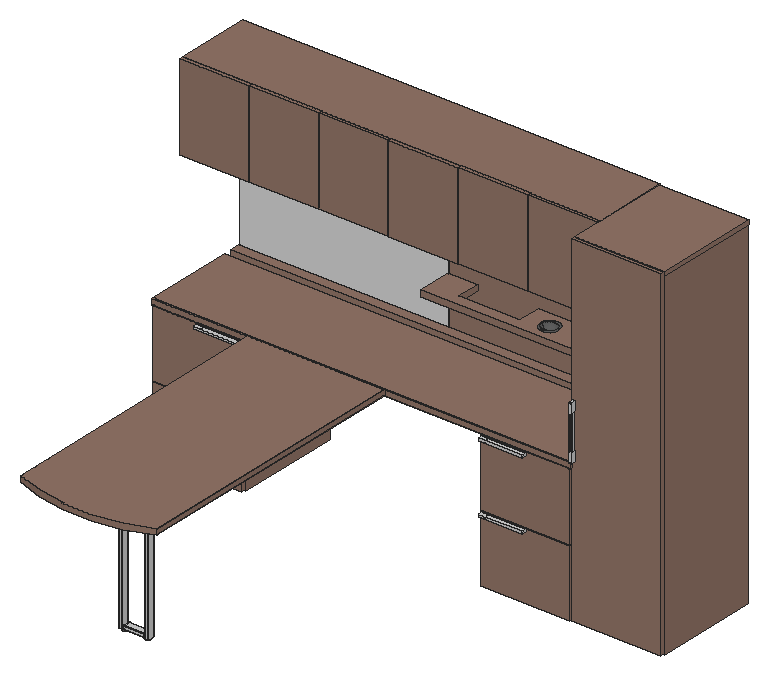
Revit family "FLV004", category Furniture, Revit 2015
Parameters
  Series = "Flux Veneer"
  Manufacturer = "JSI"
  Description = "FLV004"
Reference planes (in)
  plane 1 "Center Front/Back": y = 0
  plane 2: z = 0
  plane 3 "Center Left/Right": x = 0
Dimensions and locks (in)
  aligned and locked: level to plane 2
Nested families (in)
  nested 1: "JSI-Flux-Run_off-Arc_Tbl_Desk-Frame_Base" at (35.91285, -60.75436, 0) x (0, -1, 0) z (0, 0, 1), type "FLV2860ARCTP, 60 x 28 Arc Rnff Pen Tbl Dsk Sec Sup, Veneer"
    with Depth 2' - 3 1/2"
  nested 2: "JSI-Flux- FF_Knspce_Crednz" at (36.06413, -13.43286, 0), type "FLV2284-29F2K2ST, FF Knspc Crdnz, Spl Wrksf, Veneer"
    with Width 7' - 0", Split Worksurface yes, Split Dist 0' - 0", Pull Width 0' - 8 27/32", Partition Dist 1' - 4 1/2", Grommet Dist 1' - 8 1/2"
  nested 3: "JSI-Flux-Wall_Mount_OH_Cab" at (36.16393, -12.83911, 23.22038), type "FLV1684-17WSO, Wall Mount OH Cab, 6 Dr, Veneer"
    with Width 6' - 11 7/8", Partition Distance_R 2' - 3 9/16", Partition Distance_L 2' - 3 9/16", Door Width 1' - 1 7/8", Door Array Distance 1' - 2"
  nested 4: "JSI-Flux-Wall_Mount_Tack_Panel" at (36.05961, -11.83685, -1.10463), type "FLB4224WT, Wall Mount Tack Panel"
    with Width 3' - 6", Support Width 2' - 6", Height 2' - 0", Depth 0' - 1.56"
  nested 5: "JSI-Flux-Workwall_Panel" at (78.06413, -11.83685, -0.85526), type "FLV4224WPFCD, Workwall Panel Acc File Shelf_ L, Veneer"
    with Tray no, Tray_V_Dist 0' - 10 17/32", Tr no, L_Bracket_V_Dist 0' - 0", L_Bracket yes
  nested 6: "JSI-Flux-Wb_Pm_Ht" at (120.06413, -13.33911, 0), type "FLV2218-69FDWR, Wb, R, Veneer"
    with V_Void_Dist 0' - 2", V_Pull_Width 0' - 10 27/32", Top_Pull_Dist 0' - 6 5/16", Top_Pull no, R_Vertical_Pull_Dist 0' - 0 5/16", Partition no, L_Vertical_Pull_Dist 0' - 5 3/4", Hngr_L no, Hanger_Dist 0' - 6 25/32", H_Void_Width 1' - 6 1/16", H_Void_Upper_Dist 0' - 2", H_Void_Top_Dist 0' - 2", H_Void_C_Dist 0' - 2", H_Void_Bottom_Dist 0' - 2", H_Dist_V_Void 0' - 8 31/32", Top_Shelf_Width 1' - 4 1/2", Top_Shelf_Dist 1' - 1.94079", Top_Shelf_Array_Dist 1' - 0.03977", Partition Dist 0' - 6 1/32", L yes, Height 5' - 9 7/32", H_Dist_Bottom_Shelf 0' - 0", FD yes, F7 no, F2 no, F1 no, F0 no, F no, C_Shelf_Width 1' - 4 1/2", C_Pull_Dist 0' - 6 5/16", C_Pull no, Bottom_Shelf_Width 1' - 4 1/2", Bottom_Shelf_ Dist 1' - 7", Bottom_Pull_Dist 0' - 6 5/16", Bottom Pull no, # of Top Shelf 2
Definition of nested family "JSI-Flux-Run_off-Arc_Tbl_Desk-Frame_Base"
  Parameters (values of type "Type Catalog Family - Rec Rnoff Table Desk - Frme Base")
    Worksurface = none
    Width = 5' - 0"
    URL = "www.jsifurniture.com"
    Type Comments = ""
    Series = "FLUX"  # constant formula
    Model = "FLT3466RRTN"
    Material = ""
    Manufacturer = "JSI"  # constant formula
    Keynote = "12500"
    JSI Enviromental Website = "http://www.jsifurniture.com/jsi_sustainability_intro.php"
    Height = 2' - 5"
    Glides = none
    Frame = none
    Description = "66 X 34 Rectangular Run-off Peninsula Table Desk with Frame Base"
    Depth = 2' - 9 1/2"
    Assembly Code = "E2020200"
  Reference planes (in)
    plane 1: z = 0
    plane 2 "Center (Left/Right)": x = -36.06413
    plane 3: z = 29
    plane 4: z = 27.8125
    plane 5 "Center (Front/Back)": y = 10.75
    plane 6: z = 0.3125
    plane 7: y = -22.75
    plane 8: x = 23.93587
    plane 9: y = -6
  Forms (in)
    Extrusion 1, solid, material <- "Frame"
      sketch origin (84, 10.625, 0.3125) x (0, 1, 0) y (-1, 0, 0)
        loop
          line (-13.625, 74.44677) -> (-13.625, 75.69677)
          arc (-13.625, 75.69677) -> (-13.66161, 75.78516) -> (-13.75, 75.82177) r 0.125
          line (-13.75, 75.82177) -> (-14.25, 75.82177)
          arc (-14.25, 75.82177) -> (-14.33839, 75.78516) -> (-14.375, 75.69677) r 0.125
          line (-14.375, 75.69677) -> (-14.375, 74.44677)
          arc (-14.375, 74.44677) -> (-14.33839, 74.35839) -> (-14.25, 74.32177) r 0.125
          line (-14.25, 74.32177) -> (-13.75, 74.32177)
          arc (-13.75, 74.32177) -> (-13.66161, 74.35839) -> (-13.625, 74.44677) r 0.125
        loop
          arc (-19.625, 74.44677) -> (-19.58839, 74.35839) -> (-19.5, 74.32177) r 0.125
          line (-19.5, 74.32177) -> (-19, 74.32177)
          arc (-19, 74.32177) -> (-18.91161, 74.35839) -> (-18.875, 74.44677) r 0.125
          line (-18.875, 74.44677) -> (-18.875, 75.69677)
          arc (-18.875, 75.69677) -> (-18.91161, 75.78516) -> (-19, 75.82177) r 0.125
          line (-19, 75.82177) -> (-19.5, 75.82177)
          arc (-19.5, 75.82177) -> (-19.58839, 75.78516) -> (-19.625, 75.69677) r 0.125
          line (-19.625, 75.69677) -> (-19.625, 74.44677)
      from 0 to 27.5
    Extrusion 2, solid, material <- "Worksurface"
      sketch origin (0, 0, 0) x (0, 1, 0) y (0, 0, 1)
        loop
          arc (10.625, 27.8125) -> (10.71339, 27.84911) -> (10.75, 27.9375) r 0.125
          line (10.75, 27.9375) -> (10.75, 28.875)
          arc (10.75, 28.875) -> (10.71339, 28.96339) -> (10.625, 29) r 0.125
          line (10.625, 29) -> (-22.625, 29)
          arc (-22.625, 29) -> (-22.71339, 28.96339) -> (-22.75, 28.875) r 0.125
          line (-22.75, 28.875) -> (-22.75, 27.9375)
          arc (-22.75, 27.9375) -> (-22.71339, 27.84911) -> (-22.625, 27.8125) r 0.125
          line (-22.625, 27.8125) -> (10.625, 27.8125)
      from -36.06413 to 23.93587
    Extrusion 3, solid, material <- "Frame"
      sketch origin (-9.4375, 5.125, -0.0625) x (1, 0, 0) y (0, 0, 1)
        loop
          arc (17.60643, 27.25) -> (17.64304, 27.16161) -> (17.73143, 27.125) r 0.125
          line (17.73143, 27.125) -> (18.98143, 27.125)
          arc (18.98143, 27.125) -> (19.06982, 27.16161) -> (19.10643, 27.25) r 0.125
          line (19.10643, 27.25) -> (19.10643, 27.75)
          arc (19.10643, 27.75) -> (19.06982, 27.83839) -> (18.98143, 27.875) r 0.125
          line (18.98143, 27.875) -> (17.73143, 27.875)
          arc (17.73143, 27.875) -> (17.64304, 27.83839) -> (17.60643, 27.75) r 0.125
          line (17.60643, 27.75) -> (17.60643, 27.25)
        loop
          arc (17.60643, 0.5) -> (17.64304, 0.41161) -> (17.73143, 0.375) r 0.125
          line (17.73143, 0.375) -> (18.98143, 0.375)
          arc (18.98143, 0.375) -> (19.06982, 0.41161) -> (19.10643, 0.5) r 0.125
          line (19.10643, 0.5) -> (19.10643, 1)
          arc (19.10643, 1) -> (19.06982, 1.08839) -> (18.98143, 1.125) r 0.125
          line (18.98143, 1.125) -> (17.73143, 1.125)
          arc (17.73143, 1.125) -> (17.64304, 1.08839) -> (17.60643, 1) r 0.125
          line (17.60643, 1) -> (17.60643, 0.5)
      from 8.875 to 13.375
    Extrusion 4, solid, material <- "Glides"
      sketch origin (59, 0, 0) x (1, 0, 0) y (0, 1, 0)
        loop
          circle (-50.07177, -3.75) r 0.55846
        loop
          circle (-50.07177, -8.25) r 0.55846
      from 0 to 0.3125
    Extrusion 5, void
      sketch origin (0, 0, 0) x (1, 0, 0) y (0, 1, 0)
        loop
          line (23.93587, 10.75) -> (20.93587, 10.75)
          arc (20.93587, 10.75) -> (23.90557, -6) -> (20.93587, -22.75) r 48.72235
          line (20.93587, -22.75) -> (23.93587, -22.75) -> (23.93587, 10.75)
      from 27.8125 to 29
  Cuts and joins
    Extrusion 5 cuts Extrusion 2
  Lines and regions (in)
    symbolic lines
      curve 1: line (-36.06413, -22.75, 0) -> (20.93587, -22.75, 0)
      curve 2: line (-36.06413, 10.75, 0) -> (-36.06413, -22.75, 0)
      curve 3: line (20.93587, 10.75, 0) -> (-36.06413, 10.75, 0)
    symbolic lines, detail levels medium+fine
      curve 4: line (8.17823, -3, 0) -> (9.67823, -3, 0)
      curve 5: line (8.17823, -9, 0) -> (8.17823, -3, 0)
      curve 6: line (9.67823, -9, 0) -> (8.17823, -9, 0)
      curve 7: line (9.67823, -3, 0) -> (9.67823, -9, 0)
      curve 8: arc (20.93587, 10.75, 0) -> (23.90557, -6, 0) -> (20.93587, -22.75, 0) r 48.72235
  Dimensions and locks (in)
    locked: plane 6 to level at 0.3125
    "Depth": plane 7 to plane 5 "Center (Front/Back)"
    locked: plane 3 to plane 4 at 1.1875
    plane 3 to level = 2' - 5"
    "Width": plane 2 "Center (Left/Right)" to plane 8
    locked: Extrusion 3 sketch curve to plane 6 at 0.75
    plane 8 to Extrusion 3 sketch curve to Extrusion 3 sketch curve = 1' - 2.26694" locked, 0' - 1 1/2" locked
    locked: Extrusion 1 sketch curve to Extrusion 1 sketch curve at 0.75  (x2)
    equal spacing: Extrusion 1, plane 9, Extrusion 1
    equal spacing: Extrusion 1, Extrusion 4 sketch curve, Extrusion 1, locked at 0.75 each  (x2)
    locked: plane 4 to Extrusion 3 sketch curve at 0.75
    equal spacing: plane 7, plane 9, plane 5 "Center (Front/Back)"
    equal spacing: Extrusion 1 sketch curve, plane 9, Extrusion 1 sketch curve, locked at 2.25 each
    locked: Extrusion 5 sketch curve to Extrusion 5 sketch curve at 0.0303
    aligned and locked: level to plane 1
    aligned and locked: plane 4 to Extrusion 1
    aligned and locked: Extrusion 1 to plane 6
    aligned and locked: Extrusion 2 sketch curve to plane 5 "Center (Front/Back)"
    aligned and locked: plane 3 to Extrusion 2 sketch curve
    aligned and locked: Extrusion 2 sketch curve to plane 4
    aligned and locked: plane 7 to Extrusion 2 sketch curve
    aligned and locked: Extrusion 2 to plane 2 "Center (Left/Right)"
    aligned and locked: plane 8 to Extrusion 2
    aligned and locked: plane 6 to Extrusion 3 sketch curve
    aligned and locked: Extrusion 3 sketch curve to Extrusion 3 sketch curve  (x2)
    aligned and locked: Extrusion 3 to Extrusion 1  (x2)
    aligned and locked: Extrusion 1 sketch curve to Extrusion 1 sketch curve  (x2)
    aligned and locked: Extrusion 1 to Extrusion 4 sketch curve  (x2)
    aligned and locked: curve 2 to plane 2 "Center (Left/Right)"
    aligned and locked: curve 3 to plane 5 "Center (Front/Back)"
    aligned and locked: curve 6 to Extrusion 1
    aligned and locked: curve 4 to Extrusion 1
    aligned and locked: Extrusion 3 sketch curve to plane 4
    aligned and locked: plane 4 to Extrusion 5
    aligned and locked: plane 3 to Extrusion 5
    aligned and locked: curve 8 to cut or joined group of Extrusion 2, Extrusion 5
  Automatic sketch dimensions
    Extrusion 2 sketch curve to Extrusion 2 sketch curve = 0' - 0 1/8"  (x3)
    plane 4 to Extrusion 2 sketch curve = 0' - 0 1/8"
    Extrusion 1 sketch curve to Extrusion 1 sketch curve = 0' - 0 1/8"  (x7)
    Extrusion 1 sketch curve to Extrusion 1 sketch curve = 0' - 0 1/2"
    Extrusion 1 sketch curve to plane 8 = 1' - 2.25764"
    Extrusion 1 sketch curve to Extrusion 1 sketch curve = 0' - 1 1/4"
    Extrusion 3 sketch curve to Extrusion 3 sketch curve = 0' - 0 1/8"  (x5)
    Extrusion 3 sketch curve to Extrusion 3 sketch curve = 0' - 0"  (x2)
    curve 4 to curve 4 = 0' - 1 1/2"
    Extrusion 3 sketch curve to plane 4 = 0' - 0 1/8"
    plane 9 to Extrusion 1 sketch curve = 0' - 3"
    Extrusion 5 sketch curve to plane 9 = 0' - 0"
    plane 7 to Extrusion 5 sketch curve = 0' - 0"
    plane 5 "Center (Front/Back)" to Extrusion 5 sketch curve = 0' - 0"
    Extrusion 5 sketch curve to plane 8 = 0' - 0"
    Extrusion 5 sketch curve to plane 8 = 0' - 3"
    curve 6 to plane 8 = 1' - 3.75764"
    plane 7 to curve 8 = 0' - 0"
    radius of Extrusion 4 sketch curve = 0' - 0.55846"  (x2)
Definition of nested family "JSI-Flux- FF_Knspce_Crednz"
  Parameters (values of type "Type Catalog - Lt File Knspc Crdnz")
    Worksurface = none
    Width = 8' - 0"
    URL = "www.jsifurniture.com"
    Type Comments = ""
    TAG = "FF"
    Split Worksurface = no
    Split Dist = if(Split Worksurface, 0' 0", 0' 4")  # 0' - 4"
    Pull Width = if(Width > 7' 0", 0' 10 27/32", 0' 8 27/32")  # 0' - 10 27/32"
    Partition Dist = if(Width > 7' 0", 2' 4 1/2", 1' 4 1/2")  # 2' - 4 1/2"
    Series = "FLUX"  # constant formula
    Pull Finish = none
    Model = ""
    Manufacturer = "JSI"  # constant formula
    Keynote = "12500"
    JSI Enviromental Website = "http://www.jsifurniture.com/jsi_sustainability_intro.php"
    Height = 2' - 5"
    Grommet Dist = if(Width > 7' 0", Partition Dist / 2, Partition Dist + 0' 4")  # 1' - 2 1/4"
    Glides = none
    Door Height = (Height - 0' 1 3/16" - 0' 0 5/16" - 0' 0 3/8") / 2  # 1' - 1 9/16"
    Back = none
    Door Front = none
    Description = ""
    Depth = 1' - 10"
    Chassis = none
    Assembly Code = "E2020200"
  Reference planes (in)
    plane 1: z = 0
    plane 2 "Center (Left/Right)": x = -36.06413
    plane 3 "Center (Front/Back)": y = 10.75
    plane 4: x = 59.93587
    plane 5: x = -36.00163
    plane 6: y = 10.6875
    plane 7: x = 59.87337
    plane 8: x = 11.93587
    plane 9: y = 10.625
    plane 10: y = -11.25
    plane 11: y = -11.125
    plane 12: y = -10.375
    plane 13: y = 9.875
    plane 14: y = 8.6875
    plane 15: y = 6.5
    plane 16: y = 6
    plane 17: y = 5.875
    plane 18: y = -6.375
    plane 19: y = -8.125
    plane 20: z = 0.3125
    plane 21: z = 1.5
    plane 22: z = 2.25
    plane 23: z = 29
    plane 24: z = 27.8125
    plane 25: z = 27.0625
    plane 26: z = 24.5625
    plane 27: z = 14.65625
    plane 28: z = 15.03125
    plane 29: z = 14.28125
    plane 30: x = -6.75163
    plane 31: x = 30.62337
    plane 32: x = -6.00163
    plane 33: x = 29.87337
    plane 34: x = -35.25163
    plane 35: x = 59.12337
    plane 36: y = 8.4375
    plane 37: z = 17.15625
    plane 38: y = 9.375
    plane 39: y = 6.875
    plane 40: z = 27.6875
    plane 41: z = 0.4375
    plane 42: x = -35.93913
    plane 43: x = 59.81087
    plane 44: x = -6.06413
    plane 45: x = -5.93913
    plane 46: x = 29.81087
    plane 47: x = 29.93587
    plane 48: z = 27.6875
    plane 49: z = 27.48438
    plane 50: z = 27.48437
    plane 51: y = -9.375
    plane 52: x = -34.25163
    plane 53: x = 58.12337
    plane 54: x = -21.00163
    plane 55: x = 11.93587
    plane 56: x = 44.87337
    plane 57: z = 22.8125
    plane 58: y = 9.1875
    plane 59: y = 8.5
    plane 60: y = 7
    plane 61: z = 23
    plane 62: z = 25
    plane 63: x = -7.75163
    plane 64: x = 31.62337
    plane 65: x = -24.00163
    plane 66: x = -18.00163
    plane 67: x = 41.87337
    plane 68: x = 47.87337
    plane 69: z = 26.21875
    plane 70: y = 7.59375
    plane 71: y = 7.84375
    plane 72: y = 7.34375
    plane 73: z = 14
    plane 74: z = 14.125
    plane 75: x = -6.22038
    plane 76: x = 30.09212
    plane 77: z = 13.79688
    plane 78: x = -21.00163
    plane 79: x = 44.87337
  Forms (in)
    Extrusion 1, solid
      sketch origin (0, 0, 0) x (0, 1, 0) y (0, 0, 1)
        loop
          line (6, 27.0625) -> (6, 27.8125) -> (-10.375, 27.8125) -> (-10.375, 27.0625) -> (6, 27.0625)
      from -35.25163 to -6.75163
    Extrusion 2, solid, material <- "Chassis"
      sketch origin (0, 0, 0) x (0, 1, 0) y (0, 0, 1)
        loop
          line (9.875, 2.25) -> (-10.375, 2.25) -> (-10.375, 1.5) -> (9.875, 1.5) -> (9.875, 2.25)
      from -35.25163 to -6.75163
    Extrusion 3, solid, material <- "Chassis"
      sketch origin (0, 0, 0) x (0, 1, 0) y (0, 0, 1)
        loop
          line (10.6875, 27.8125) -> (9.1875, 27.8125) -> (9.1875, 25.0625)
          arc (9.1875, 25.0625) -> (9.04105, 24.70895) -> (8.6875, 24.5625) r 0.5
          line (8.6875, 24.5625) -> (6.5, 24.5625)
          arc (6.5, 24.5625) -> (6.14645, 24.70895) -> (6, 25.0625) r 0.5
          line (6, 25.0625) -> (6, 27.8125) -> (-10.375, 27.8125) -> (-10.375, 0.3125) -> (10.6875, 0.3125) -> (10.6875, 27.8125)
      from -6.75163 to -6.00163
    Extrusion 4, solid, material <- "Chassis"
      sketch origin (0, 0, 0) x (0, 1, 0) y (0, 0, 1)
        loop
          line (10.6875, 27.8125) -> (9.1875, 27.8125) -> (9.1875, 25.0625)
          arc (9.1875, 25.0625) -> (9.04105, 24.70895) -> (8.6875, 24.5625) r 0.5
          line (8.6875, 24.5625) -> (6.5, 24.5625)
          arc (6.5, 24.5625) -> (6.14645, 24.70895) -> (6, 25.0625) r 0.5
          line (6, 25.0625) -> (6, 27.8125) -> (-10.375, 27.8125) -> (-10.375, 0.3125) -> (10.6875, 0.3125) -> (10.6875, 27.8125)
      from 29.87337 to 30.62337
    Extrusion 5, solid, material <- "Back"
      sketch origin (0, 0, 0) x (0, 1, 0) y (0, 0, 1)
        loop
          line (8.6875, 27.8125) -> (8.6875, 22.8125) -> (9.875, 22.8125) -> (9.875, 27.8125) -> (8.6875, 27.8125)
      from -35.25163 to 59.12337
    Extrusion 6, solid, material <- "Chassis"
      sketch origin (0, 0, 0) x (0, 1, 0) y (0, 0, 1)
        loop
          line (9.875, 1.5) -> (5.875, 1.5) -> (5.875, 0.3125) -> (9.875, 0.3125) -> (9.875, 1.5)
      from -35.25163 to -6.75163
    Extrusion 7, solid, material <- "Chassis"
      sketch origin (0, 0, 0) x (0, 1, 0) y (0, 0, 1)
        loop
          line (-6.375, 1.5) -> (-10.375, 1.5) -> (-10.375, 0.3125) -> (-6.375, 0.3125) -> (-6.375, 1.5)
      from -35.25163 to -6.75163
    Extrusion 8, solid, material <- "Worksurface"
      sketch origin (0, 0, 0) x (0, 1, 0) y (0, 0, 1)
        loop
          arc (10.75, 28.875) -> (10.71339, 28.96339) -> (10.625, 29) r 0.125
          line (10.625, 29) -> (-11.125, 29)
          arc (-11.125, 29) -> (-11.21339, 28.96339) -> (-11.25, 28.875) r 0.125
          line (-11.25, 28.875) -> (-11.25, 27.9375)
          arc (-11.25, 27.9375) -> (-11.21339, 27.84911) -> (-11.125, 27.8125) r 0.125
          line (-11.125, 27.8125) -> (10.625, 27.8125)
          arc (10.625, 27.8125) -> (10.71339, 27.84911) -> (10.75, 27.9375) r 0.125
          line (10.75, 27.9375) -> (10.75, 28.875)
      from -36.06413 to 59.93587
    Extrusion 9, solid, material <- "Glides"
      sketch origin (0, 0, 0) x (1, 0, 0) y (0, 1, 0)
        loop
          circle (-34.25163, 8.6875) r 0.5
      from 0 to 0.3125
    Extrusion 10, solid, material <- "Glides"
      sketch origin (0, 0, 0) x (1, 0, 0) y (0, 1, 0)
        loop
          circle (-34.25163, -9.375) r 0.5
      from 0 to 0.3125
    Extrusion 11, solid, material <- "Glides"
      sketch origin (0, 0, 0) x (1, 0, 0) y (0, 1, 0)
        loop
          circle (58.12337, 8.6875) r 0.5
      from 0 to 0.3125
    Extrusion 12, solid, material <- "Glides"
      sketch origin (0, 0, 0) x (1, 0, 0) y (0, 1, 0)
        loop
          circle (58.12337, -9.375) r 0.5
      from 0 to 0.3125
    Extrusion 13, solid, material <- "Glides"
      sketch origin (0, 0, 0) x (1, 0, 0) y (0, 1, 0)
        loop
          circle (-7.75163, 8.6875) r 0.5
      from 0 to 0.3125
    Extrusion 14, solid, material <- "Glides"
      sketch origin (0, 0, 0) x (1, 0, 0) y (0, 1, 0)
        loop
          circle (31.62337, 8.6875) r 0.5
      from 0 to 0.3125
    Extrusion 15, solid, material <- "Glides"
      sketch origin (0, 0, 0) x (1, 0, 0) y (0, 1, 0)
        loop
          circle (-7.75163, -9.375) r 0.5
      from 0 to 0.3125
    Extrusion 16, solid, material <- "Glides"
      sketch origin (0, 0, 0) x (1, 0, 0) y (0, 1, 0)
        loop
          circle (31.62337, -9.375) r 0.5
      from 0 to 0.3125
    Extrusion 17, solid, material <- "Back"
      sketch origin (0, 0, 0) x (1, 0, 0) y (0, 0, 1)
        loop
          line (-35.25163, 27.8125) -> (-35.25163, 0.3125) -> (-6.75163, 0.3125) -> (-6.75163, 27.8125) -> (-35.25163, 27.8125)
      from -10.625 to -9.875
    Extrusion 18, solid, material <- "Chassis"
      sketch origin (0, 0, 0) x (0, 1, 0) y (0, 0, 1)
        loop
          line (10.6875, 27.8125) -> (9.1875, 27.8125) -> (9.1875, 25.0625)
          arc (9.1875, 25.0625) -> (9.04105, 24.70895) -> (8.6875, 24.5625) r 0.5
          line (8.6875, 24.5625) -> (6.5, 24.5625)
          arc (6.5, 24.5625) -> (6.14645, 24.70895) -> (6, 25.0625) r 0.5
          line (6, 25.0625) -> (6, 27.8125) -> (-10.375, 27.8125) -> (-10.375, 0.3125) -> (10.6875, 0.3125) -> (10.6875, 27.8125)
      from -36.00163 to -35.25163
    Extrusion 19, solid, material <- "Chassis"
      sketch origin (0, 0, 0) x (0, 1, 0) y (0, 0, 1)
        loop
          line (10.6875, 27.8125) -> (9.1875, 27.8125) -> (9.1875, 25.0625)
          arc (9.1875, 25.0625) -> (9.04105, 24.70895) -> (8.6875, 24.5625) r 0.5
          line (8.6875, 24.5625) -> (6.5, 24.5625)
          arc (6.5, 24.5625) -> (6.14645, 24.70895) -> (6, 25.0625) r 0.5
          line (6, 25.0625) -> (6, 27.8125) -> (-10.375, 27.8125) -> (-10.375, 0.3125) -> (10.6875, 0.3125) -> (10.6875, 27.8125)
      from 59.12337 to 59.87337
    Extrusion 20, void
      sketch origin (0, 0, 0) x (1, 0, 0) y (0, 1, 0)
        loop
          line (59.93587, 8.5) -> (-36.06413, 8.5) -> (-36.06413, 7) -> (59.93587, 7) -> (59.93587, 8.5)
      from 23 to 25
    Extrusion 21, solid, material <- "Back"
      sketch origin (0, 0, 0) x (1, 0, 0) y (0, 0, 1)
        loop
          line (30.62337, 27.8125) -> (30.62337, 0.3125) -> (59.12337, 0.3125) -> (59.12337, 27.8125) -> (30.62337, 27.8125)
      from -10.625 to -9.875
    Extrusion 22, solid, material <- "Chassis"
      sketch origin (0, 0, 0) x (0, 1, 0) y (0, 0, 1)
        loop
          line (9.875, 2.25) -> (-10.375, 2.25) -> (-10.375, 1.5) -> (9.875, 1.5) -> (9.875, 2.25)
      from 30.62337 to 59.12337
    Extrusion 23, solid, material <- "Chassis"
      sketch origin (0, 0, 0) x (0, 1, 0) y (0, 0, 1)
        loop
          line (9.875, 1.5) -> (5.875, 1.5) -> (5.875, 0.3125) -> (9.875, 0.3125) -> (9.875, 1.5)
      from 30.62337 to 59.12337
    Extrusion 24, solid, material <- "Chassis"
      sketch origin (0, 0, 0) x (0, 1, 0) y (0, 0, 1)
        loop
          line (-6.375, 1.5) -> (-10.375, 1.5) -> (-10.375, 0.3125) -> (-6.375, 0.3125) -> (-6.375, 1.5)
      from 30.62337 to 59.12337
    Extrusion 25, void
      sketch origin (0, 0, 0) x (1, 0, 0) y (0, 0, 1)
        loop
          line (-23.00163, 14.65625) -> (-19.00163, 14.65625)
          arc (-19.00163, 14.65625) -> (-18.29453, 14.94914) -> (-18.00163, 15.65625) r 1
          line (-18.00163, 15.65625) -> (-18.00163, 16.15625)
          arc (-18.00163, 16.15625) -> (-18.29453, 16.86336) -> (-19.00163, 17.15625) r 1
          line (-19.00163, 17.15625) -> (-23.00163, 17.15625)
          arc (-23.00163, 17.15625) -> (-23.70874, 16.86336) -> (-24.00163, 16.15625) r 1
          line (-24.00163, 16.15625) -> (-24.00163, 15.65625)
          arc (-24.00163, 15.65625) -> (-23.70874, 14.94914) -> (-23.00163, 14.65625) r 1
      from -10.75 to -9.875
    Extrusion 26, solid, material <- "Pull Finish"
      sketch origin (0, 0, 0) x (0, 1, 0) y (0, 0, 1)
        loop
          arc (7.84375, 26.92586) -> (7.87949, 26.71752) -> (7.98264, 26.53302) r 0.625
          arc (7.98264, 26.53302) -> (7.59375, 25.71875) -> (7.20486, 26.53302) r 0.5
          arc (7.20486, 26.53302) -> (7.30801, 26.71752) -> (7.34375, 26.92586) r 0.625
          line (7.34375, 26.92586) -> (7.34375, 27.8125) -> (6, 27.8125) -> (6, 25.0625)
          arc (6, 25.0625) -> (6.14645, 24.70895) -> (6.5, 24.5625) r 0.5
          line (6.5, 24.5625) -> (8.6875, 24.5625)
          arc (8.6875, 24.5625) -> (9.04105, 24.70895) -> (9.1875, 25.0625) r 0.5
          line (9.1875, 25.0625) -> (9.1875, 27.8125) -> (7.84375, 27.8125) -> (7.84375, 26.92586)
      from 59.81087 to 59.87337
    Extrusion 27, solid, material <- "Door Front"
      sketch origin (0, 0, 0) x (1, 0, 0) y (0, 1, 0)
        loop
          line (-35.93913, -10.375) -> (-35.93913, -11.125) -> (-6.06413, -11.125) -> (-6.06413, -10.375) -> (-35.93913, -10.375)
      from 14.125 to 27.6875
    Extrusion 28, solid, material <- "Door Front"
      sketch origin (0, 0, 0) x (1, 0, 0) y (0, 1, 0)
        loop
          line (-35.93913, -10.375) -> (-35.93913, -11.125) -> (-6.06413, -11.125) -> (-6.06413, -10.375) -> (-35.93913, -10.375)
      from 0.4375 to 14
    Extrusion 29, solid, material <- "Door Front"
      sketch origin (0, 0, 0) x (1, 0, 0) y (0, 1, 0)
        loop
          line (29.93587, -10.375) -> (29.93587, -11.125) -> (59.81087, -11.125) -> (59.81087, -10.375) -> (29.93587, -10.375)
      from 14.125 to 27.6875
    Extrusion 30, solid, material <- "Door Front"
      sketch origin (0, 0, 0) x (1, 0, 0) y (0, 1, 0)
        loop
          line (29.93587, -10.375) -> (29.93587, -11.125) -> (59.81087, -11.125) -> (59.81087, -10.375) -> (29.93587, -10.375)
      from 0.4375 to 14
    Extrusion 31, void
      sketch origin (0, 0, 0) x (1, 0, 0) y (0, 0, 1)
        loop
          arc (42.87337, 17.15625) -> (42.16626, 16.86336) -> (41.87337, 16.15625) r 1
          line (41.87337, 16.15625) -> (41.87337, 15.65625)
          arc (41.87337, 15.65625) -> (42.16626, 14.94914) -> (42.87337, 14.65625) r 1
          line (42.87337, 14.65625) -> (46.87337, 14.65625)
          arc (46.87337, 14.65625) -> (47.58047, 14.94914) -> (47.87337, 15.65625) r 1
          line (47.87337, 15.65625) -> (47.87337, 16.15625)
          arc (47.87337, 16.15625) -> (47.58047, 16.86336) -> (46.87337, 17.15625) r 1
          line (46.87337, 17.15625) -> (42.87337, 17.15625)
      from -10.75 to -9.875
    Extrusion 32, solid, material <- "Pull Finish"
      sketch origin (0, 0, 0) x (0, 1, 0) y (0, 0, 1)
        loop
          arc (7.84375, 26.92586) -> (7.87949, 26.71752) -> (7.98264, 26.53302) r 0.625
          arc (7.98264, 26.53302) -> (7.59375, 25.71875) -> (7.20486, 26.53302) r 0.5
          arc (7.20486, 26.53302) -> (7.30801, 26.71752) -> (7.34375, 26.92586) r 0.625
          line (7.34375, 26.92586) -> (7.34375, 27.8125) -> (6, 27.8125) -> (6, 25.0625)
          arc (6, 25.0625) -> (6.14645, 24.70895) -> (6.5, 24.5625) r 0.5
          line (6.5, 24.5625) -> (8.6875, 24.5625)
          arc (8.6875, 24.5625) -> (9.04105, 24.70895) -> (9.1875, 25.0625) r 0.5
          line (9.1875, 25.0625) -> (9.1875, 27.8125) -> (7.84375, 27.8125) -> (7.84375, 26.92586)
      from -36.00163 to -35.93913
    Extrusion 33, solid, material <- "Worksurface", detail levels medium+fine
      sketch origin (0, 0, 0) x (0, 1, 0) y (0, 0, 1)
        loop
          line (6, 27.0625) -> (6, 27.8125) -> (-10.375, 27.8125) -> (-10.375, 27.0625) -> (6, 27.0625)
      from 30.62337 to 59.12337
  Cuts and joins
    Extrusion 20 cuts Extrusion 8
    Extrusion 25 cuts Extrusion 17
    Extrusion 31 cuts Extrusion 21
  Lines and regions (in)
    symbolic lines
      curve 1: line (59.93587, 10.75, 0) -> (-36.06413, 10.75, 0)
      curve 2: line (59.93587, -11.25, 0) -> (-36.06413, -11.25, 0)
      curve 3: line (59.93587, 10.75, 0) -> (59.93587, -11.25, 0)
      curve 4: line (-36.06413, 10.75, 0) -> (-36.06413, -11.25, 0)
    symbolic lines, visible <- "Split Worksurface"
      curve 5: line (59.93587, 8.5, 0) -> (-36.06413, 8.5, 0)
      curve 6: line (59.93587, 7, 0) -> (-36.06413, 7, 0)
    symbolic lines, detail levels medium+fine
      curve 7: line (-36.00163, 10.6875, 0) -> (-36.00163, -10.375, 0)
      curve 8: line (-35.25163, 10.6875, 0) -> (-35.25163, -10.375, 0)
      curve 9: line (-35.25163, 10.6875, 0) -> (-36.00163, 10.6875, 0)
      curve 10: line (-35.25163, -10.375, 0) -> (-36.00163, -10.375, 0)
      curve 11: line (-6.75163, 10.6875, 0) -> (-6.75163, -10.375, 0)
      curve 12: line (-6.00163, 10.6875, 0) -> (-6.00163, -10.375, 0)
      curve 13: line (-6.00163, 10.6875, 0) -> (-6.75163, 10.6875, 0)
      curve 14: line (-6.00163, -10.375, 0) -> (-6.75163, -10.375, 0)
      curve 15: line (29.87337, 10.6875, 0) -> (29.87337, -10.375, 0)
      curve 16: line (30.62337, 10.6875, 0) -> (30.62337, -10.375, 0)
      curve 17: line (30.62337, 10.6875, 0) -> (29.87337, 10.6875, 0)
      curve 18: line (30.62337, -10.375, 0) -> (29.87337, -10.375, 0)
      curve 19: line (59.12337, 10.6875, 0) -> (59.12337, -10.375, 0)
      curve 20: line (59.87337, 10.6875, 0) -> (59.87337, -10.375, 0)
      curve 21: line (59.87337, 10.6875, 0) -> (59.12337, 10.6875, 0)
      curve 22: line (59.87337, -10.375, 0) -> (59.12337, -10.375, 0)
      curve 23: line (-6.75163, 10.625, 0) -> (-35.25163, 10.625, 0)
      curve 24: line (-6.75163, 9.875, 0) -> (-35.25163, 9.875, 0)
      curve 25: line (59.12337, 10.625, 0) -> (30.62337, 10.625, 0)
      curve 26: line (59.12337, 9.875, 0) -> (30.62337, 9.875, 0)
      curve 27: line (-6.00163, 10.625, 0) -> (29.87337, 10.625, 0)
      curve 28: line (-6.00163, 9.875, 0) -> (29.87337, 9.875, 0)
  Dimensions and locks (in)
    plane 2 "Center (Left/Right)" to plane 5 to plane 42 = 0' - 0 1/16" locked, 0' - 0 1/16" locked
    plane 43 to plane 7 to plane 4 = 0' - 0 1/16" locked, 0' - 0 1/16" locked
    "Width": plane 2 "Center (Left/Right)" to plane 4
    equal spacing: plane 2 "Center (Left/Right)", plane 8, plane 4
    plane 14 to plane 13 to plane 9 to plane 6 to plane 3 "Center (Front/Back)" = 0' - 1 3/16" locked, 0' - 0 3/4" locked, 0' - 0 1/16" locked, 0' - 0 1/16" locked
    "Depth": plane 10 to plane 3 "Center (Front/Back)"
    plane 10 to plane 11 to plane 12 = 0' - 0 1/8" locked, 0' - 0 3/4" locked
    plane 16 to plane 15 to plane 13 = 0' - 0 1/2" locked, 0' - 3 3/8" locked
    locked: plane 17 to plane 13 at 4
    locked: plane 12 to plane 18 at 4
    locked: plane 12 to plane 19 at 2.25
    "Height": plane 23 to plane 1
    locked: plane 23 to plane 24 at 1.1875
    plane 21 to plane 20 to plane 1 = 0' - 1 3/16" locked, 0' - 0 5/16" locked
    plane 24 to plane 25 to plane 26 = 0' - 0 3/4" locked, 0' - 2 1/2" locked
    locked: plane 22 to plane 21 at 0.75
    plane 28 to plane 27 to plane 29 = 0' - 0 3/8" locked, 0' - 0 3/8" locked
    plane 63 to plane 30 to plane 32 = 0' - 1" locked, 0' - 0 3/4" locked
    plane 33 to plane 31 to plane 64 = 0' - 0 3/4" locked, 0' - 1" locked
    plane 5 to plane 34 to plane 52 = 0' - 0 3/4" locked, 0' - 1" locked
    plane 53 to plane 35 to plane 7 = 0' - 1" locked, 0' - 0 3/4" locked
    locked: plane 36 to plane 13 at 1.4375
    equal spacing: plane 25, plane 27, plane 22
    locked: plane 37 to plane 27 at 2.5
    plane 39 to plane 38 to plane 13 = 0' - 2 1/2" locked, 0' - 0 1/2" locked
    locked: plane 41 to plane 20 at 0.125
    locked: plane 24 to plane 40 at 0.125
    plane 44 to plane 32 to plane 45 = 0' - 0 1/16" locked, 0' - 0 1/16" locked
    plane 46 to plane 33 to plane 47 = 0' - 0 1/16" locked, 0' - 0 1/16" locked
    "Partition Dist": plane 34 to plane 30
    "Partition Dist": plane 31 to plane 35
    plane 48 to plane 1 = 2' - 3 11/16"
    locked: plane 40 to plane 49 at 0.20313
    locked: plane 48 to plane 50 at 0.20312
    locked: plane 12 to plane 51 at 1
    locked: plane 24 to plane 57 at 5
    locked: plane 58 to plane 13 at 0.6875
    plane 60 to plane 59 to plane 3 "Center (Front/Back)" = 0' - 1 1/2" locked, 0' - 2 1/4" locked
    locked: plane 62 to plane 61 at 2
    "Split Dist": plane 23 to plane 62
    locked: plane 65 to plane 66 at 6
    locked: plane 67 to plane 68 at 6
    locked: plane 65 to plane 54 at 3
    locked: plane 67 to plane 56 at 3
    "Grommet Dist": plane 34 to plane 54
    "Grommet Dist": plane 56 to plane 35
    locked: plane 24 to plane 69 at 1.59375
    equal spacing: plane 16, plane 70, plane 58
    plane 72 to plane 70 to plane 71 = 0' - 0 1/4" locked, 0' - 0 1/4" locked
    "Door Height": plane 73 to plane 41
    "Door Height": plane 48 to plane 74
    locked: plane 75 to plane 32 at 0.21875
    locked: plane 33 to plane 76 at 0.21875
    locked: plane 73 to plane 77 at 0.20312
    equal spacing: plane 34, plane 78, plane 30
    equal spacing: plane 31, plane 79, plane 35
    radius of Extrusion 9 sketch curve = 0' - 0 1/2"
    radius of Extrusion 10 sketch curve = 0' - 0 1/2"
    radius of Extrusion 11 sketch curve = 0' - 0 1/2"
    radius of Extrusion 12 sketch curve = 0' - 0 1/2"
    radius of Extrusion 13 sketch curve = 0' - 0 1/2"
    radius of Extrusion 15 sketch curve = 0' - 0 1/2"
    radius of Extrusion 14 sketch curve = 0' - 0 1/2"
    radius of Extrusion 16 sketch curve = 0' - 0 1/2"
    aligned and locked: level to plane 1
    aligned and locked: plane 25 to Extrusion 1 sketch curve
    aligned and locked: plane 24 to Extrusion 1 sketch curve
    aligned and locked: plane 16 to Extrusion 1 sketch curve
    aligned and locked: plane 12 to Extrusion 1 sketch curve
    aligned and locked: Extrusion 1 to plane 34
    aligned and locked: plane 22 to Extrusion 2 sketch curve
    aligned and locked: plane 21 to Extrusion 2 sketch curve
    aligned and locked: plane 13 to Extrusion 2 sketch curve
    aligned and locked: plane 12 to Extrusion 2 sketch curve
    aligned and locked: Extrusion 2 to plane 34
    aligned and locked: plane 12 to Extrusion 3 sketch curve
    aligned and locked: Extrusion 3 to plane 30
    aligned and locked: plane 32 to Extrusion 3
    aligned and locked: plane 12 to Extrusion 4 sketch curve
    aligned and locked: plane 31 to Extrusion 4
    aligned and locked: Extrusion 4 to plane 33
    aligned and locked: plane 14 to Extrusion 5 sketch curve
    aligned and locked: plane 13 to Extrusion 5 sketch curve
    aligned and locked: plane 24 to Extrusion 5 sketch curve
    aligned and locked: Extrusion 5 to plane 34
    aligned and locked: plane 35 to Extrusion 5
    aligned and locked: plane 13 to Extrusion 6 sketch curve
    aligned and locked: plane 17 to Extrusion 6 sketch curve
    aligned and locked: plane 20 to Extrusion 6 sketch curve
    aligned and locked: plane 21 to Extrusion 6 sketch curve
    aligned and locked: plane 18 to Extrusion 7 sketch curve
    aligned and locked: plane 12 to Extrusion 7 sketch curve
    aligned and locked: plane 21 to Extrusion 7 sketch curve
    aligned and locked: plane 20 to Extrusion 7 sketch curve
    aligned and locked: Extrusion 6 to plane 34
    aligned and locked: Extrusion 7 to plane 34
    aligned and locked: plane 50 to nested 1
    aligned and locked: plane 50 to nested 2
    aligned and locked: plane 11 to nested 1  (x2)
    aligned and locked: plane 11 to nested 2  (x2)
    aligned and locked: nested 1 to plane 11
    aligned and locked: plane 3 "Center (Front/Back)" to Extrusion 8 sketch curve
    aligned and locked: plane 23 to Extrusion 8 sketch curve
    aligned and locked: plane 24 to Extrusion 8 sketch curve
    aligned and locked: plane 10 to Extrusion 8 sketch curve
    aligned and locked: Extrusion 8 to plane 2 "Center (Left/Right)"
    aligned and locked: plane 4 to Extrusion 8
    aligned and locked: Extrusion 9 to plane 1
    aligned and locked: Extrusion 10 to plane 1
    aligned and locked: plane 20 to Extrusion 10
    aligned and locked: plane 20 to Extrusion 9
    aligned and locked: Extrusion 13 to plane 1
    aligned and locked: Extrusion 15 to plane 1
    aligned and locked: Extrusion 14 to plane 1
    aligned and locked: Extrusion 16 to plane 1
    aligned and locked: plane 1 to Extrusion 11
    aligned and locked: plane 1 to Extrusion 12
    aligned and locked: plane 20 to Extrusion 12
    aligned and locked: plane 20 to Extrusion 11
    aligned and locked: plane 20 to Extrusion 16
    aligned and locked: plane 20 to Extrusion 14
    aligned and locked: plane 20 to Extrusion 13
    aligned and locked: plane 20 to Extrusion 15
    aligned and locked: Extrusion 17 sketch curve to plane 24
    aligned and locked: Extrusion 17 sketch curve to plane 34
    aligned and locked: Extrusion 17 sketch curve to plane 20
    aligned and locked: Extrusion 17 to plane 9
    aligned and locked: plane 13 to Extrusion 17
    aligned and locked: plane 10 to nested 3
    aligned and locked: curve 1 to plane 3 "Center (Front/Back)"
    aligned and locked: curve 2 to plane 10
    aligned and locked: curve 3 to plane 4
    aligned and locked: plane 55 to plane 8
    aligned and locked: Extrusion 5 sketch curve to plane 57
    aligned and locked: plane 58 to Extrusion 3 sketch curve
    aligned and locked: plane 16 to Extrusion 3 sketch curve
    aligned and locked: plane 26 to Extrusion 3 sketch curve
    aligned and locked: plane 58 to Extrusion 4 sketch curve
    aligned and locked: plane 16 to Extrusion 4 sketch curve
    aligned and locked: plane 26 to Extrusion 4 sketch curve
    aligned and locked: plane 6 to Extrusion 18 sketch curve
    aligned and locked: plane 24 to Extrusion 18 sketch curve
    aligned and locked: plane 12 to Extrusion 18 sketch curve
    aligned and locked: plane 20 to Extrusion 18 sketch curve
    aligned and locked: plane 58 to Extrusion 18 sketch curve
    aligned and locked: plane 16 to Extrusion 18 sketch curve
    aligned and locked: plane 26 to Extrusion 18 sketch curve
    aligned and locked: Extrusion 18 to plane 5
    aligned and locked: plane 34 to Extrusion 18
    aligned and locked: plane 6 to Extrusion 19 sketch curve
    aligned and locked: plane 24 to Extrusion 19 sketch curve
    aligned and locked: plane 12 to Extrusion 19 sketch curve
    aligned and locked: plane 20 to Extrusion 19 sketch curve
    aligned and locked: plane 58 to Extrusion 19 sketch curve
    aligned and locked: plane 16 to Extrusion 19 sketch curve
    aligned and locked: plane 26 to Extrusion 19 sketch curve
    aligned and locked: plane 7 to Extrusion 19
    aligned and locked: Extrusion 19 to plane 35
    aligned and locked: Extrusion 3 sketch curve to plane 24  (x2)
    aligned and locked: Extrusion 4 sketch curve to plane 24  (x2)
    aligned and locked: Extrusion 20 sketch curve to plane 59
    aligned and locked: Extrusion 20 sketch curve to plane 60
    aligned and locked: Extrusion 20 sketch curve to plane 2 "Center (Left/Right)"
    aligned and locked: Extrusion 20 sketch curve to plane 4
    aligned and locked: plane 62 to Extrusion 20
    aligned and locked: Extrusion 20 to plane 61
    aligned and locked: Extrusion 17 sketch curve to plane 30
    aligned and locked: Extrusion 3 sketch curve to plane 6
    aligned and locked: Extrusion 21 sketch curve to plane 31
    aligned and locked: Extrusion 21 sketch curve to plane 24
    aligned and locked: Extrusion 21 sketch curve to plane 35
    aligned and locked: Extrusion 21 sketch curve to plane 20
    aligned and locked: Extrusion 21 to plane 9
    aligned and locked: plane 13 to Extrusion 21
    aligned and locked: Extrusion 4 sketch curve to plane 6
    aligned and locked: Extrusion 3 sketch curve to plane 20
    aligned and locked: Extrusion 4 sketch curve to plane 20
    aligned and locked: plane 30 to Extrusion 2
    aligned and locked: plane 13 to Extrusion 22 sketch curve
    aligned and locked: plane 12 to Extrusion 22 sketch curve
    aligned and locked: plane 22 to Extrusion 22 sketch curve
    aligned and locked: plane 21 to Extrusion 22 sketch curve
    aligned and locked: plane 35 to Extrusion 22
    aligned and locked: Extrusion 22 to plane 31
    aligned and locked: plane 30 to Extrusion 6
    aligned and locked: plane 30 to Extrusion 7
    aligned and locked: plane 13 to Extrusion 23 sketch curve
    aligned and locked: plane 17 to Extrusion 23 sketch curve
    aligned and locked: plane 21 to Extrusion 23 sketch curve
    aligned and locked: plane 20 to Extrusion 23 sketch curve
    aligned and locked: plane 18 to Extrusion 24 sketch curve
    aligned and locked: plane 12 to Extrusion 24 sketch curve
    aligned and locked: plane 20 to Extrusion 24 sketch curve
    aligned and locked: plane 21 to Extrusion 24 sketch curve
    aligned and locked: plane 35 to Extrusion 24
    aligned and locked: plane 35 to Extrusion 23
    aligned and locked: Extrusion 24 to plane 31
    aligned and locked: Extrusion 23 to plane 31
    aligned and locked: Extrusion 25 sketch curve to plane 27
    aligned and locked: Extrusion 25 sketch curve to plane 37
    aligned and locked: Extrusion 25 sketch curve to plane 65
    aligned and locked: Extrusion 25 sketch curve to plane 66
    aligned and locked: Extrusion 25 to plane 3 "Center (Front/Back)"
    aligned and locked: plane 13 to Extrusion 25
    aligned and locked: plane 7 to Extrusion 26
    aligned and locked: Extrusion 26 to plane 43
    aligned and locked: Extrusion 27 sketch curve to plane 42
    aligned and locked: Extrusion 27 sketch curve to plane 12
    aligned and locked: Extrusion 27 sketch curve to plane 11
    aligned and locked: Extrusion 27 sketch curve to plane 44
    aligned and locked: Extrusion 27 to plane 74
    aligned and locked: Extrusion 28 sketch curve to plane 42
    aligned and locked: Extrusion 28 sketch curve to plane 11
    aligned and locked: Extrusion 28 sketch curve to plane 12
    aligned and locked: Extrusion 28 sketch curve to plane 44
    aligned and locked: plane 73 to Extrusion 28
    aligned and locked: Extrusion 28 to plane 41
    aligned and locked: Extrusion 29 sketch curve to plane 47
    aligned and locked: Extrusion 29 sketch curve to plane 11
    aligned and locked: Extrusion 29 sketch curve to plane 43
    aligned and locked: Extrusion 29 sketch curve to plane 12
    aligned and locked: plane 48 to Extrusion 29
    aligned and locked: Extrusion 29 to plane 74
    aligned and locked: Extrusion 30 sketch curve to plane 47
    aligned and locked: Extrusion 30 sketch curve to plane 11
    aligned and locked: Extrusion 30 sketch curve to plane 43
    aligned and locked: Extrusion 30 sketch curve to plane 12
    aligned and locked: plane 73 to Extrusion 30
    aligned and locked: Extrusion 30 to plane 41
    aligned and locked: nested 2 to plane 76
    aligned and locked: plane 75 to nested 1
    aligned and locked: plane 75 to nested 4
    aligned and locked: plane 77 to nested 4
    aligned and locked: nested 5 to plane 76
    aligned and locked: plane 77 to nested 5
    aligned and locked: nested 2 to plane 11  (x2)
    aligned and locked: plane 11 to nested 4
    aligned and locked: plane 11 to nested 5
    aligned and locked: nested 5 to plane 11
    aligned and locked: Extrusion 31 sketch curve to plane 37
    aligned and locked: Extrusion 31 sketch curve to plane 27
    aligned and locked: Extrusion 31 sketch curve to plane 67
    aligned and locked: Extrusion 31 sketch curve to plane 68
    aligned and locked: Extrusion 31 to plane 3 "Center (Front/Back)"
    aligned and locked: plane 13 to Extrusion 31
    aligned and locked: Extrusion 32 sketch curve to Extrusion 26  (x9)
    aligned and locked: Extrusion 32 to plane 5
    aligned and locked: plane 42 to Extrusion 32
    aligned and locked: plane 4 to curve 5
    aligned and locked: plane 2 "Center (Left/Right)" to curve 6
    aligned and locked: plane 2 "Center (Left/Right)" to curve 5
    aligned and locked: plane 30 to Extrusion 1
    aligned and locked: plane 25 to Extrusion 33 sketch curve
    aligned and locked: plane 24 to Extrusion 33 sketch curve
    aligned and locked: plane 12 to Extrusion 33 sketch curve
    aligned and locked: plane 16 to Extrusion 33 sketch curve
    aligned and locked: plane 35 to Extrusion 33
    aligned and locked: Extrusion 33 to plane 31
    aligned and locked: plane 78 to nested 3
    aligned and locked: plane 79 to nested 6
    aligned and locked: plane 10 to nested 6
    aligned and locked: curve 7 to plane 5
    aligned and locked: curve 8 to plane 34
    aligned and locked: curve 9 to plane 6
    aligned and locked: curve 10 to plane 12
    aligned and locked: curve 11 to plane 30
    aligned and locked: curve 12 to plane 32
    aligned and locked: curve 13 to plane 6
    aligned and locked: curve 14 to plane 12
    aligned and locked: curve 15 to plane 33
    aligned and locked: curve 16 to plane 31
    aligned and locked: curve 17 to plane 6
    aligned and locked: curve 18 to plane 12
    aligned and locked: curve 19 to plane 35
    aligned and locked: curve 20 to plane 7
    aligned and locked: curve 21 to plane 6
    aligned and locked: curve 22 to plane 12
    aligned and locked: plane 34 to curve 23
    aligned and locked: plane 30 to curve 23
    aligned and locked: plane 30 to curve 24
    aligned and locked: plane 31 to curve 25
    aligned and locked: plane 31 to curve 26
    aligned and locked: plane 35 to curve 25
    aligned and locked: plane 35 to curve 26
    aligned and locked: plane 32 to curve 27
    aligned and locked: plane 32 to curve 28
    aligned and locked: plane 33 to curve 27
    aligned and locked: plane 33 to curve 28
    aligned and locked: plane 13 to curve 28
    aligned and locked: plane 9 to curve 27
  Automatic sketch dimensions
    plane 14 to Extrusion 9 sketch curve = 0' - 0"
    Extrusion 9 sketch curve to plane 52 = 0' - 0"
    plane 51 to Extrusion 10 sketch curve = 0' - 0"
    Extrusion 10 sketch curve to plane 52 = 0' - 0"
    plane 14 to Extrusion 11 sketch curve = 0' - 0"
    Extrusion 11 sketch curve to plane 53 = 0' - 0"
    plane 51 to Extrusion 12 sketch curve = 0' - 0"
    Extrusion 12 sketch curve to plane 53 = 0' - 0"
    Extrusion 8 sketch curve to plane 11 = 0' - 0"  (x2)
    Extrusion 8 sketch curve to plane 9 = 0' - 0"  (x2)
    Extrusion 3 sketch curve to plane 15 = 0' - 0"
    Extrusion 3 sketch curve to plane 14 = 0' - 0"
    Extrusion 4 sketch curve to plane 15 = 0' - 0"
    Extrusion 4 sketch curve to plane 14 = 0' - 0"
    Extrusion 18 sketch curve to plane 15 = 0' - 0"
    Extrusion 18 sketch curve to plane 14 = 0' - 0"
    Extrusion 18 sketch curve to plane 24 = 0' - 0"
    Extrusion 19 sketch curve to plane 15 = 0' - 0"
    Extrusion 19 sketch curve to plane 14 = 0' - 0"
    Extrusion 19 sketch curve to plane 24 = 0' - 0"  (x2)
    plane 14 to Extrusion 13 sketch curve = 0' - 0"
    Extrusion 13 sketch curve to plane 63 = 0' - 0"
    plane 51 to Extrusion 15 sketch curve = 0' - 0"
    Extrusion 15 sketch curve to plane 63 = 0' - 0"
    plane 14 to Extrusion 14 sketch curve = 0' - 0"
    Extrusion 14 sketch curve to plane 64 = 0' - 0"
    plane 51 to Extrusion 16 sketch curve = 0' - 0"
    Extrusion 16 sketch curve to plane 64 = 0' - 0"
    plane 28 to Extrusion 25 sketch curve = 0' - 0 5/8"
    plane 65 to Extrusion 25 sketch curve = 0' - 1"
    Extrusion 25 sketch curve to plane 66 = 0' - 1"
    Extrusion 25 sketch curve to Extrusion 25 sketch curve = 0' - 0"
    Extrusion 26 sketch curve to plane 16 = 0' - 0"
    Extrusion 26 sketch curve to plane 24 = 0' - 0"  (x2)
    Extrusion 26 sketch curve to plane 72 = 0' - 0"
    Extrusion 26 sketch curve to plane 69 = 0' - 0"
    Extrusion 26 sketch curve to plane 70 = 0' - 0"
    Extrusion 26 sketch curve to plane 71 = 0' - 0"
    Extrusion 26 sketch curve to plane 14 = 0' - 0"
    Extrusion 26 sketch curve to plane 26 = 0' - 0"
    Extrusion 26 sketch curve to plane 25 = 0' - 0.13664"  (x2)
    plane 28 to Extrusion 31 sketch curve = 0' - 0 5/8"
    Extrusion 31 sketch curve to Extrusion 31 sketch curve = 0' - 0"
    Extrusion 31 sketch curve to plane 68 = 0' - 1"  (x2)
    plane 12 to curve 16 = 0' - 0"
    plane 12 to curve 12 = 0' - 0"
    plane 60 to curve 6 = 0' - 0"
    plane 59 to curve 5 = 0' - 0"
    plane 13 to curve 26 = 0' - 0"
    plane 13 to curve 24 = 0' - 0"
    plane 9 to curve 25 = 0' - 0"
    plane 9 to curve 23 = 0' - 0"
  Nested families (in)
    nested 1: "Bar Pull C" at (-14.88439, -11.125, 27.48437), Pull Finish <- "Pull Finish", type "PL"
      with Pull Finish none, Stud 0' - 1.54911", Pull Width 0' - 10 27/32"
    nested 2: "Bar Pull C" at (32.27186, -11.125, 27.48437), Pull Finish <- "Pull Finish", type "PL"
      with Pull Finish none, Stud 0' - 1.54911", Pull Width 0' - 10 27/32"
    nested 3: "Label 1-16" at (-21.00163, -11.25, 0), type "DRWCFG"
    nested 4: "Bar Pull C" at (-14.88439, -11.125, 13.79688), Pull Finish <- "Pull Finish", type "PL"
      with Pull Finish none, Stud 0' - 1.54911", Pull Width 0' - 10 27/32"
    nested 5: "Bar Pull C" at (32.27186, -11.125, 13.79688), Pull Finish <- "Pull Finish", type "PL"
      with Pull Finish none, Stud 0' - 1.54911", Pull Width 0' - 10 27/32"
    nested 6: "Label 1-16" at (44.87337, -11.25, 0), type "DRWCFG"
  Definition of nested family "Bar Pull C"
    Parameters
      Stud = Pull Width / 7  # 0' - 1.26339"
      Pull Width = 0' - 8 27/32"
      Pull Line [instance] = yes
      Pull Finish [instance] = none
    Reference planes (in)
      plane 1 "Center Front/Back": y = 0
      plane 2: z = 0
      plane 3 "Center Left/Right": x = 3.24213
      plane 4: y = -0.125
    Forms (in)
      Extrusion 1, solid, material <- "Pull Finish"
        sketch origin (0, 0, 0) x (1, 0, 0) y (0, 1, 0)
          loop
            line (-1.17975, 0) -> (-1.17975, -0.85113)
            arc (-1.17975, -0.85113) -> (-1.15229, -0.91742) -> (-1.086, -0.94488) r 0.09375
            line (-1.086, -0.94488) -> (7.58526, -0.94488)
            arc (7.58526, -0.94488) -> (7.64094, -0.92182) -> (7.664, -0.86614) r 0.07874
            line (7.664, -0.86614) -> (7.664, 0) -> (6.40061, 0) -> (6.40061, -0.70177)
            arc (6.40061, -0.70177) -> (6.364, -0.79016) -> (6.27561, -0.82677) r 0.125
            line (6.27561, -0.82677) -> (0.20864, -0.82677)
            arc (0.20864, -0.82677) -> (0.12026, -0.79016) -> (0.08364, -0.70177) r 0.125
            line (0.08364, -0.70177) -> (0.08364, 0) -> (-1.17975, 0)
        from -0.43307 to -0.11811
      Extrusion 2, solid, material <- "Pull Finish"
        sketch origin (0, 0, 0) x (1, 0, 0) y (0, 1, 0)
          loop
            line (-1.17975, 0) -> (-1.17975, -0.85113)
            arc (-1.17975, -0.85113) -> (-1.15229, -0.91742) -> (-1.086, -0.94488) r 0.09375
            line (-1.086, -0.94488) -> (7.58526, -0.94488)
            arc (7.58526, -0.94488) -> (7.64094, -0.92182) -> (7.664, -0.86614) r 0.07874
            line (7.664, -0.86614) -> (7.664, 0) -> (-1.17975, 0)
        from 0 to -0.11811
    Cuts and joins
      joined: Extrusion 1, Extrusion 2
    Lines and regions (in)
      symbolic lines, visible <- "Pull Line"
        curve 1: line (-1.17975, -0.125, 0) -> (-1.17975, -0.85113, 0)
        curve 2: line (7.664, -0.86614, 0) -> (7.664, -0.125, 0)
        curve 3: line (-1.086, -0.94488, 0) -> (7.58526, -0.94488, 0)
        curve 4: arc (-1.17975, -0.85113, 0) -> (-1.15229, -0.91742, 0) -> (-1.086, -0.94488, 0) r 0.09375
        curve 5: arc (7.58526, -0.94488, 0) -> (7.64094, -0.92182, 0) -> (7.664, -0.86614, 0) r 0.07874
    Dimensions and locks (in)
      equal spacing: Extrusion 1 sketch curve, plane 3 "Center Left/Right", Extrusion 1 sketch curve
      "Stud": Extrusion 1 sketch curve to Extrusion 1 sketch curve  (x2)
      "Pull Width": Extrusion 1 sketch curve to Extrusion 1 sketch curve
      locked: plane 4 to plane 1 "Center Front/Back" at 0.125
      aligned and locked: level to plane 2
      aligned and locked: Extrusion 2 sketch curve to Extrusion 1  (x2)
      aligned and locked: cut or joined group of Extrusion 1, Extrusion 2 to curve 1
      aligned and locked: curve 4 to cut or joined group of Extrusion 1, Extrusion 2
      aligned and locked: curve 5 to cut or joined group of Extrusion 1, Extrusion 2
      aligned and locked: plane 4 to curve 1
      aligned and locked: plane 4 to curve 2
    Automatic sketch dimensions
      plane 1 "Center Front/Back" to Extrusion 2 sketch curve = 0' - 0"
      plane 1 "Center Front/Back" to Extrusion 1 sketch curve = 0' - 0"  (x2)
      Extrusion 1 sketch curve to Extrusion 1 sketch curve = 0' - 0 3/32"
      Extrusion 1 sketch curve to Extrusion 1 sketch curve = 0' - 0 1/8"  (x2)
      Extrusion 1 sketch curve to Extrusion 1 sketch curve = 0' - 0.07874"
      plane 4 to Extrusion 1 sketch curve = 0' - 0.57677"
      plane 4 to Extrusion 1 sketch curve = 0' - 0.72613"
  Definition of nested family "Label 1-16"
    Parameters
      Model Name = "LOW DOOR"
    Reference planes (in)
      plane 1: y = 0
      plane 2: x = 0
    Text (in)
      label "XX" at (0.00051, -0.12324, 0), shows "Model Name"
Definition of nested family "JSI-Flux-Wall_Mount_OH_Cab"
  Parameters (values of type "Type Catalog - Wall Mount OH Cab")
    Wiring Hole Dist = if(# of Doors > 3, 1' 6", 0' 9")  # 1' - 6"
    Top = none
    Width = 7' - 11 7/8"
    URL = "www.jsifurniture.com"
    Type Comments = ""
    TAG = if(Width > 6' 6", "6 Doors", (if(Width > 4' 6", "4 Doors", (if(Width > 3' 0", "3 Doors", "2 Doors")))))  # "6 Doors"
    Series = "FLUX"  # constant formula
    R = yes
    Partition-R = yes
    Partition-L = yes
    Partition Distance_R = if(# of Doors = 6, ((Door Width * 2) + 0' 0 1/8" - 0' 0 5/16"), (if(# of Doors = 4, ((Width / 2) - 0' 0 3/8"), (if(# of Doors = 3, (if(R, (Door Width - 0' 0 5/16"), ((Door Width * 2) + 0' 0 1/8" - 0' 0 5/16"))), 0' 0")))))  # 2' - 7 9/16"
    Partition Distance_L = if(# of Doors = 6, ((Door Width * 2) + 0' 0 1/8" - 0' 0 5/16"), (if(# of Doors = 4, ((Width / 2) - 0' 0 3/8"), (if(# of Doors = 3, (if(R, ((Door Width * 2) + 0' 0 1/8" - 0' 0 5/16"), (Door Width - 0' 0 5/16"))), 0' 0")))))  # 2' - 7 9/16"
    OH Elevation = 2' - 5"
    Model = ""
    Manufacturer = "JSI"  # constant formula
    Level of Base Shelve = 0' - 0"
    Keynote = "12500"
    JSI Enviromental Website = "http://www.jsifurniture.com/jsi_sustainability_intro.php"
    Height = 1' - 5"
    Door Width = (Width - (0' 0 1/8" * (# of Doors - 1))) / # of Doors  # 1' - 3 7/8"
    Door Array Distance = Door Width + 0' 0 1/8"  # 1' - 4"
    Back Panel = none
    Door Front = none
    Description = ""
    Depth = 1' - 3 7/8"
    Chassis = none
    Assembly Code = "E2020200"
    # of Doors = if(Width > 6' 6", 6, if(Width > 4' 6", 4, (if(Width > 3' 0", 3, 2))))  # 6
  Reference planes (in)
    plane 1: z = 0
    plane 2 "Center (Left/Right)": x = -36.06413
    plane 3 "Center (Front/Back)": y = 10.75
    plane 4: y = 9.25
    plane 5: x = -35.31413
    plane 6: x = 59.81087
    plane 7: x = 59.06087
    plane 8: x = -4.50163
    plane 9: x = -3.75163
    plane 10: x = 28.24837
    plane 11: x = 27.49837
    plane 12: y = -5.0625
    plane 13: y = -4.3125
    plane 14: y = -4.25
    plane 15: y = -2.0625
    plane 16: y = -5.125
    plane 17: x = 11.87337
    plane 18: z = 29
    plane 19: z = 29
    plane 20: z = 30.1875
    plane 21: z = 28.75
    plane 22: z = 45.25
    plane 23: z = 46
    plane 24: y = 9.1875
    plane 25: y = 9.9375
    plane 26: x = -20.18913
    plane 27: x = -20.06413
    plane 28: z = 28.5
    plane 29: x = -35.31413
    plane 30: x = -4.50163
    plane 31: x = -3.75163
    plane 32: x = 28.24837
    plane 33: x = 27.49837
    plane 34: x = 59.06087
    plane 35: x = -18.06413
    plane 36: x = 41.81087
    plane 37: z = 40.0625
    plane 38: z = 42.25
    plane 39: x = -34.31413
    plane 40: x = 58.06087
  Forms (in)
    Extrusion 1, solid, material <- "Chassis"
      sketch origin (0, 0, 0) x (1, 0, 0) y (0, 1, 0)
        loop
          line (-36.06413, 10.75) -> (-36.06413, -4.25) -> (-35.31413, -4.25) -> (-35.31413, 10.75) -> (-36.06413, 10.75)
      from 29 to 45.25
    Extrusion 2, solid, material <- "Chassis"
      sketch origin (0, 0, 0) x (1, 0, 0) y (0, 1, 0)
        loop
          line (59.06087, 10.75) -> (59.06087, -4.25) -> (59.81087, -4.25) -> (59.81087, 10.75) -> (59.06087, 10.75)
      from 29 to 45.25
    Extrusion 3, solid, material <- "Top"
      sketch origin (0, 0, 0) x (1, 0, 0) y (0, 0, 1)
        loop
          line (-36.06413, 45.25) -> (59.81087, 45.25) -> (59.81087, 46) -> (-36.06413, 46) -> (-36.06413, 45.25)
      from -10.75 to 4.25
    Extrusion 4, solid
      sketch origin (0, 0, 0) x (1, 0, 0) y (0, 0, 1)
        loop
          line (-35.31413, 30.1875) -> (-35.31413, 29) -> (59.06087, 29) -> (59.06087, 30.1875) -> (-35.31413, 30.1875)
      from -9.1875 to 4.25
    Extrusion 5, solid, material <- "Back Panel"
      sketch origin (0, 0, 0) x (1, 0, 0) y (0, 0, 1)
        loop
          line (-35.31413, 45.25) -> (-35.31413, 29) -> (59.06087, 29) -> (59.06087, 45.25) -> (-35.31413, 45.25)
      from -9.9375 to -9.1875
    Extrusion 6, solid, material <- "Chassis", visible <- "Partition-L"
      sketch origin (0, 0, 0) x (1, 0, 0) y (0, 1, 0)
        loop
          line (-4.50163, 9.1875) -> (-4.50163, -4.25) -> (-3.75163, -4.25) -> (-3.75163, 9.1875) -> (-4.50163, 9.1875)
      from 30.1875 to 45.25
    Extrusion 7, solid, material <- "Chassis", visible <- "Partition-R"
      sketch origin (0, 0, 0) x (1, 0, 0) y (0, 1, 0)
        loop
          line (27.49837, 9.1875) -> (27.49837, -4.25) -> (28.24837, -4.25) -> (28.24837, 9.1875) -> (27.49837, 9.1875)
      from 30.1875 to 45.25
    Extrusion 8, solid, material <- "Door Front"
      sketch origin (0, 0, -23) x (1, 0, 0) y (0, 0, 1)
        loop
          line (-36.06413, 69) -> (-36.06413, 51.75) -> (-20.18913, 51.75) -> (-20.18913, 69) -> (-36.06413, 69)
      from 4.3125 to 5.0625
    Extrusion 9, solid, material <- "Door Front"
      sketch origin (16, 0, -23) x (1, 0, 0) y (0, 0, 1)
        loop
          line (-36.06413, 69) -> (-36.06413, 51.75) -> (-20.18913, 51.75) -> (-20.18913, 69) -> (-36.06413, 69)
      from 4.3125 to 5.0625
    Extrusion 10, solid, material <- "Door Front"
      sketch origin (32, 0, -23) x (1, 0, 0) y (0, 0, 1)
        loop
          line (-36.06413, 69) -> (-36.06413, 51.75) -> (-20.18913, 51.75) -> (-20.18913, 69) -> (-36.06413, 69)
      from 4.3125 to 5.0625
    Extrusion 11, solid, material <- "Door Front"
      sketch origin (48, 0, -23) x (1, 0, 0) y (0, 0, 1)
        loop
          line (-36.06413, 69) -> (-36.06413, 51.75) -> (-20.18913, 51.75) -> (-20.18913, 69) -> (-36.06413, 69)
      from 4.3125 to 5.0625
    Extrusion 12, solid, material <- "Back Panel"
      sketch origin (0, 0, 0) x (0, 1, 0) y (0, 0, 1)
        loop
          line (10.75, 45.25) -> (9.9375, 45.25) -> (9.9375, 42.25) -> (10.75, 42.25) -> (10.75, 45.25)
      from -35.31413 to 59.06087
    Extrusion 13, solid, material <- "Back Panel"
      sketch origin (0, 0, 0) x (0, 1, 0) y (0, 0, 1)
        loop
          line (10.75, 42.25) -> (9.9375, 42.25) -> (9.9375, 40.0625) -> (10.75, 40.0625) -> (10.75, 42.25)
      from -34.31413 to 58.06087
    Extrusion 14, solid, material <- "Door Front"
      sketch origin (64, 0, -23) x (1, 0, 0) y (0, 0, 1)
        loop
          line (-36.06413, 69) -> (-36.06413, 51.75) -> (-20.18913, 51.75) -> (-20.18913, 69) -> (-36.06413, 69)
      from 4.3125 to 5.0625
    Extrusion 15, solid, material <- "Door Front"
      sketch origin (80, 0, -23) x (1, 0, 0) y (0, 0, 1)
        loop
          line (-36.06413, 69) -> (-36.06413, 51.75) -> (-20.18913, 51.75) -> (-20.18913, 69) -> (-36.06413, 69)
      from 4.3125 to 5.0625
  Lines and regions (in)
    symbolic lines
      curve 1: line (-36.06413, -4.3125, 0) -> (-36.06413, -5.0625, 0)
      curve 2: line (-20.06413, -4.3125, 0) -> (-20.06413, -5.0625, 0)
      curve 3: line (-20.18913, -5.0625, 0) -> (-20.18913, -4.3125, 0)
      curve 4: line (-4.18913, -5.0625, 0) -> (-4.18913, -4.3125, 0)
      curve 5: line (-20.18913, -4.3125, 0) -> (-36.06413, -4.3125, 0)
      curve 6: line (-36.06413, -5.0625, 0) -> (-20.18913, -5.0625, 0)
      curve 7: line (-4.18913, -4.3125, 0) -> (-20.06413, -4.3125, 0)
      curve 8: line (-20.06413, -5.0625, 0) -> (-4.18913, -5.0625, 0)
      curve 9: line (-36.06413, 10.75, 0) -> (-36.06413, -4.25, 0)
      curve 10: line (59.81087, 10.75, 0) -> (-36.06413, 10.75, 0)
      curve 11: line (59.81087, 10.75, 0) -> (59.81087, -4.25, 0)
      curve 12: line (59.81087, -4.25, 0) -> (-36.06413, -4.25, 0)
